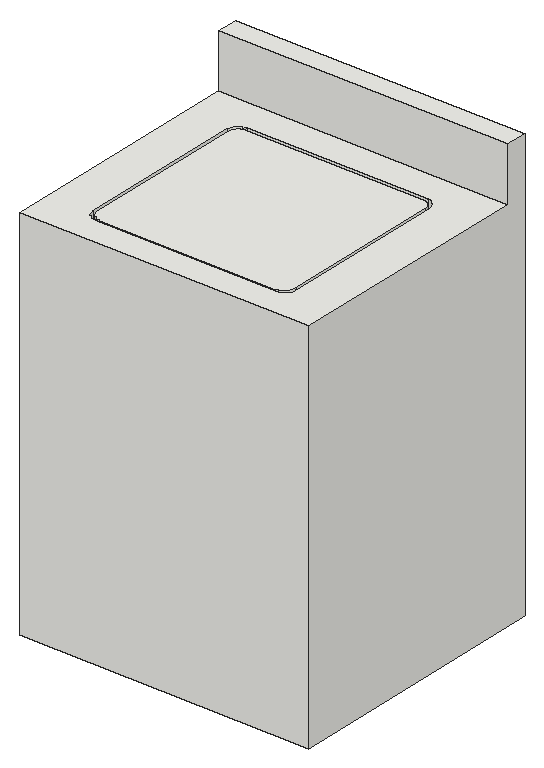
Revit family
Parameters (values of type "680 x 635 x 890mm")
  Label = "W"
  Depth = 635.00 mm
  Height = 890.00 mm
  Material = Metal - Paint Finish - Ivory, Matte
  Width = 680.00 mm
Types (3, lengths in mm): name | Width
  (no name) | 680.00
  680 x 635 x 890mm | 680.00
  635 x 635 x 890mm | 635.00
Reference planes
  plane 1: y = -38.35
  plane 2: z = 0
  plane 3: x = 77.517
  plane 4 "Top": z = 890
  plane 5: x = 757.517
  plane 6: y = 596.65
  plane 7: z = 953.5
  plane 8: x = 417.517
  plane 9: y = 279.15
Forms (mm)
  Extrusion 1, solid, material "Metal - Paint Finish - Ivory, Matte" <- "Material"
    sketch origin (0, 0, 0) x (1, 0, 0) y (0, 1, 0)
      loop
        line (757.517, 596.65) -> (77.517, 596.65) -> (77.517, -38.35) -> (757.517, -38.35) -> (757.517, 596.65)
    from 0 to 890
  Extrusion 2, solid, material "Metal - Paint Finish - Ivory, Matte" <- "Material"
    sketch origin (77.517, 596.65, 890) x (0, 0, -1) y (0, -1, 0)
      loop
        line (0, 0) -> (0, 50.8) -> (-127, 50.8) -> (-127, 0) -> (0, 0)
    from 0 to -680
  Extrusion 3, void
    sketch origin (0, 0, 890) x (0, -1, 0) y (1, 0, 0)
      loop
        arc (-469.468, 204.517) -> (-462.029, 186.557) -> (-444.068, 179.117) r 25.4
        line (-444.068, 179.117) -> (-50.55, 179.117)
        arc (-50.55, 179.117) -> (-32.589, 186.557) -> (-25.15, 204.517) r 25.4
        line (-25.15, 204.517) -> (-25.15, 630.517)
        arc (-25.15, 630.517) -> (-32.589, 648.478) -> (-50.55, 655.917) r 25.4
        line (-50.55, 655.917) -> (-444.068, 655.917)
        arc (-444.068, 655.917) -> (-462.029, 648.478) -> (-469.468, 630.517) r 25.4
        line (-469.468, 630.517) -> (-469.468, 204.517)
    from 0 to -50.8
  Extrusion 4, solid, material "Metal - Paint Finish - Ivory, Matte" <- "Material"
    sketch origin (0, 0, 890) x (1, 0, 0) y (0, -1, 0)
      loop
        line (210.867, -463.3) -> (624.167, -463.3)
        arc (624.167, -463.3) -> (642.128, -455.86) -> (649.567, -437.9) r 25.4
        line (649.567, -437.9) -> (649.567, -56.9)
        arc (649.567, -56.9) -> (642.128, -38.939) -> (624.167, -31.5) r 25.4
        line (624.167, -31.5) -> (210.867, -31.5)
        arc (210.867, -31.5) -> (192.907, -38.939) -> (185.467, -56.9) r 25.4
        line (185.467, -56.9) -> (185.467, -437.9)
        arc (185.467, -437.9) -> (192.907, -455.86) -> (210.867, -463.3) r 25.4
    from 0 to 25.4
Cuts and joins
  Extrusion 3 cuts Extrusion 1
  Extrusion 3 cuts Extrusion 2
  joined: Extrusion 1, Extrusion 2
Lines and regions (mm)
  Masking region 1
    outline origin (0, 0, 0) x (1, 0, 0) y (0, 1, 0)
      loop
        line (77.517, 596.65) -> (77.517, -38.35) -> (757.517, -38.35) -> (757.517, 596.65) -> (77.517, 596.65)
  model lines
    curve 1: line (179.117, 444.068, 890) -> (179.117, 50.55, 890)
    curve 2: line (204.517, 469.468, 890) -> (630.517, 469.468, 890)
    curve 3: line (655.917, 444.068, 890) -> (655.917, 50.55, 890)
    curve 4: line (204.517, 25.15, 890) -> (630.517, 25.15, 890)
    curve 5: arc (179.117, 545.85, 978.9) -> (153.717, 545.85, 953.5) -> (179.117, 545.85, 928.1) r 25.4
    curve 6: arc (179.117, 545.85, 928.1) -> (204.517, 545.85, 953.5) -> (179.117, 545.85, 978.9) r 25.4
    curve 7: arc (289.054, 545.85, 991.6) -> (250.954, 545.85, 953.5) -> (289.054, 545.85, 915.4) r 38.1
    curve 8: arc (289.054, 545.85, 915.4) -> (327.154, 545.85, 953.5) -> (289.054, 545.85, 991.6) r 38.1
    curve 9: arc (404.343, 545.85, 978.9) -> (378.943, 545.85, 953.5) -> (404.343, 545.85, 928.1) r 25.4
    curve 10: arc (404.343, 545.85, 928.1) -> (429.743, 545.85, 953.5) -> (404.343, 545.85, 978.9) r 25.4
    curve 11: arc (179.117, 444.068, 890) -> (186.557, 462.029, 890) -> (204.517, 469.468, 890) r 25.4
    curve 12: arc (630.517, 469.468, 890) -> (648.478, 462.029, 890) -> (655.917, 444.068, 890) r 25.4
    curve 13: arc (179.117, 50.55, 890) -> (186.557, 32.589, 890) -> (204.517, 25.15, 890) r 25.4
    curve 14: arc (630.517, 25.15, 890) -> (648.478, 32.589, 890) -> (655.917, 50.55, 890) r 25.4
  symbolic lines, style "SpecialityEquipment"
    curve 15: line (77.517, 545.85, 0) -> (757.517, 545.85, 0)
    curve 16: line (204.517, 469.468, 0) -> (630.517, 469.468, 0)
    curve 17: line (655.917, 444.068, 0) -> (655.917, 50.55, 0)
    curve 18: line (204.517, 25.15, 0) -> (630.517, 25.15, 0)
    curve 19: line (179.117, 444.068, 0) -> (179.117, 50.55, 0)
    curve 20: arc (179.117, 444.068, 0) -> (186.557, 462.029, 0) -> (204.517, 469.468, 0) r 25.4
    curve 21: arc (630.517, 469.468, 0) -> (648.478, 462.029, 0) -> (655.917, 444.068, 0) r 25.4
    curve 22: arc (179.117, 50.55, 0) -> (186.557, 32.589, 0) -> (204.517, 25.15, 0) r 25.4
    curve 23: arc (630.517, 25.15, 0) -> (648.478, 32.589, 0) -> (655.917, 50.55, 0) r 25.4
Dimensions and locks
  "Width": plane 5 to plane 3
  "Depth": plane 6 to plane 1
  Extrusion 1 to curve 1 = 101.60 mm
  curve 3 to Extrusion 1 = 101.60 mm
  "Height": plane 2 to plane 4 "Top"
  equal spacing: Extrusion 2, plane 7, plane 4 "Top"
  equal spacing: plane 5, plane 8, plane 3
  equal spacing: plane 6, plane 9, plane 1
  equal spacing: Extrusion 4, nested 1, Extrusion 4
  aligned and locked: plane 6 to Extrusion 1 sketch curve
  aligned and locked: plane 5 to Extrusion 1 sketch curve  (x2)
  aligned and locked: plane 1 to Extrusion 1 sketch curve  (x3)
  aligned and locked: plane 3 to Extrusion 1 sketch curve  (x2)
  aligned and locked: Extrusion 1 to level
  aligned and locked: Extrusion 1 to plane 4 "Top"
  aligned and locked: plane 7 to curve 6
  aligned and locked: plane 7 to curve 8
  aligned and locked: plane 7 to curve 10
  aligned and locked: plane 5 to Extrusion 2
  aligned and locked: nested 1 to plane 8
  aligned and locked: Masking region 1 sketch curve to plane 6
  aligned and locked: Masking region 1 sketch curve to plane 5
  aligned and locked: Masking region 1 sketch curve to plane 1
  aligned and locked: plane 3 to Masking region 1 sketch curve
Automatic sketch dimensions
  Extrusion 1 sketch curve to plane 6 = 0.00 mm
  plane 5 to Extrusion 1 sketch curve = 0.00 mm
  Extrusion 2 sketch curve to plane 6 = 0.00 mm
  Extrusion 2 sketch curve to plane 4 "Top" = 0.00 mm
  Extrusion 2 sketch curve to plane 6 = 50.80 mm
  Extrusion 2 sketch curve to plane 4 "Top" = 127.00 mm
  curve 5 to curve 5 = 25.40 mm
  curve 9 to curve 9 = 25.40 mm
  curve 8 to plane 4 "Top" = 25.40 mm
  plane 3 to curve 6 = 101.60 mm
  curve 6 to curve 7 = 109.936 mm
  curve 8 to curve 9 = 115.289 mm
  curve 20 to curve 1 = 0.00 mm
  curve 1 to curve 13 = 25.40 mm
  curve 1 to curve 11 = 25.40 mm
  curve 18 to curve 4 = 0.00 mm
  curve 20 to curve 2 = 0.00 mm
  curve 14 to curve 3 = 25.40 mm
  curve 2 to curve 3 = 25.40 mm
  curve 23 to curve 14 = 0.00 mm
  curve 16 to curve 2 = 0.00 mm
  curve 17 to curve 3 = 0.00 mm
  curve 18 to plane 1 = 63.50 mm
  curve 4 to curve 18 = 0.00 mm
  curve 19 to curve 1 = 0.00 mm
  Extrusion 3 sketch curve to plane 6 = 127.181 mm
  Extrusion 3 sketch curve to Extrusion 3 sketch curve = 25.40 mm  (x3)
  Extrusion 3 sketch curve to plane 1 = 88.90 mm  (x2)
  plane 3 to Extrusion 3 sketch curve = 101.60 mm
  Extrusion 3 sketch curve to plane 5 = 127.00 mm
  plane 3 to Extrusion 4 sketch curve = 107.95 mm
  Extrusion 4 sketch curve to Extrusion 4 sketch curve = 25.40 mm  (x4)
  Extrusion 4 sketch curve to plane 1 = 69.85 mm
  Extrusion 4 sketch curve to plane 5 = 133.35 mm
  Extrusion 4 sketch curve to plane 6 = 158.75 mm
  curve 15 to plane 5 = 0.00 mm
  curve 20 to plane 6 = 152.581 mm
  curve 15 to plane 6 = 50.80 mm
  curve 15 to plane 3 = 0.00 mm
Nested families
  nested 1: "M_Label Annotation" at (417.517, 247.4, 0), type "M_Label Annotation", detail levels medium+fine
Definition of nested family "M_Label Annotation"
  Parameters
    Label = ""
  Reference planes
    plane 1: y = 0
    plane 2: x = 0
  Text (mm)
    label "Label" at (0.007, 0.129, 0), shows "Label"
